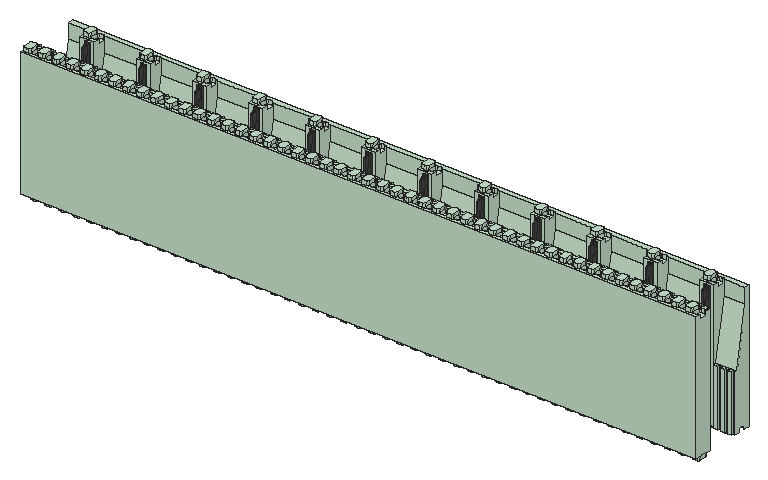
Revit family (continued)
Definition of nested family "NUDURA Logo Diamond"
  Lines and regions (mm)
    model lines
      curve 66: line (320.001, 0, 50.954) -> (313.973, 0, 44.925)
      curve 67: line (313.973, 0, 69.555) -> (320.001, 0, 63.526)
      curve 68: line (320.001, 0, 89.054) -> (313.973, 0, 83.025)
      curve 69: line (313.973, 0, 107.655) -> (320.001, 0, 101.626)
      curve 70: line (309.225, 0, 119.97) -> (322.887, 0, 133.632)
      curve 71: line (322.887, 0, 133.632) -> (324.683, 0, 131.836)
      curve 72: line (286.583, 0, 133.632) -> (300.245, 0, 119.97)
      curve 73: line (295.497, 0, 121.125) -> (284.787, 0, 131.836)
      curve 74: line (289.468, 0, 101.626) -> (295.497, 0, 107.655)
      curve 75: line (295.497, 0, 83.025) -> (289.468, 0, 89.054)
      curve 76: line (289.468, 0, 63.526) -> (295.497, 0, 69.555)
      curve 77: line (295.497, 0, 44.925) -> (289.468, 0, 50.954)
      curve 78: line (289.468, 0, 25.426) -> (295.497, 0, 31.455)
      curve 79: line (298.449, 0, 3.874) -> (289.468, 0, 12.854)
      curve 80: line (300.245, 0, 5.67) -> (291.265, 0, 14.65)
      curve 81: line (318.205, 0, 14.65) -> (309.225, 0, 5.67)
      curve 82: line (309.225, 0, 32.611) -> (318.205, 0, 23.63)
      curve 83: line (291.265, 0, 23.63) -> (300.245, 0, 32.611)
      curve 84: arc (289.468, 0, 12.854) -> (286.865, 0, 19.14) -> (289.468, 0, 25.426) r 8.89
      curve 85: arc (298.449, 0, 3.874) -> (304.735, 0, 1.27) -> (311.021, 0, 3.874) r 8.89
      curve 86: arc (291.265, 0, 14.65) -> (289.405, 0, 19.14) -> (291.265, 0, 23.63) r 6.35
      curve 87: arc (318.205, 0, 14.65) -> (320.065, 0, 19.14) -> (318.205, 0, 23.63) r 6.35
      curve 88: arc (309.225, 0, 32.611) -> (304.735, 0, 34.471) -> (300.245, 0, 32.611) r 6.35
      curve 89: arc (300.245, 0, 5.67) -> (304.735, 0, 3.81) -> (309.225, 0, 5.67) r 6.35
      curve 90: arc (320.001, 0, 12.854) -> (322.605, 0, 19.14) -> (320.001, 0, 25.426) r 8.89
      curve 91: arc (295.497, 0, 31.455) -> (298.287, 0, 38.19) -> (295.497, 0, 44.925) r 9.525
      curve 92: arc (313.973, 0, 31.455) -> (311.183, 0, 38.19) -> (313.973, 0, 44.925) r 9.525
      curve 93: line (313.973, 0, 69.555) -> (320.001, 0, 63.526)
      curve 94: line (289.468, 0, 63.526) -> (295.497, 0, 69.555)
      curve 95: line (300.245, 0, 43.77) -> (291.265, 0, 52.75)
      curve 96: line (318.205, 0, 52.75) -> (309.225, 0, 43.77)
      curve 97: line (309.225, 0, 70.711) -> (318.205, 0, 61.73)
      curve 98: line (291.265, 0, 61.73) -> (300.245, 0, 70.711)
      curve 99: arc (289.468, 0, 50.954) -> (286.865, 0, 57.24) -> (289.468, 0, 63.526) r 8.89
      curve 100: arc (291.265, 0, 52.75) -> (289.405, 0, 57.24) -> (291.265, 0, 61.73) r 6.35
      curve 101: arc (318.205, 0, 52.75) -> (320.065, 0, 57.24) -> (318.205, 0, 61.73) r 6.35
      curve 102: arc (309.225, 0, 70.711) -> (304.735, 0, 72.571) -> (300.245, 0, 70.711) r 6.35
      curve 103: arc (300.245, 0, 43.77) -> (304.735, 0, 41.91) -> (309.225, 0, 43.77) r 6.35
      curve 104: arc (320.001, 0, 50.954) -> (322.605, 0, 57.24) -> (320.001, 0, 63.526) r 8.89
      curve 105: line (295.497, 0, 44.925) -> (289.468, 0, 50.954)
      curve 106: line (320.001, 0, 50.954) -> (313.973, 0, 44.925)
      curve 107: arc (295.497, 0, 69.555) -> (298.287, 0, 76.29) -> (295.497, 0, 83.025) r 9.525
      curve 108: arc (313.973, 0, 69.555) -> (311.183, 0, 76.29) -> (313.973, 0, 83.025) r 9.525
      curve 109: line (313.973, 0, 107.655) -> (320.001, 0, 101.626)
      curve 110: line (289.468, 0, 101.626) -> (295.497, 0, 107.655)
      curve 111: line (300.245, 0, 81.87) -> (291.265, 0, 90.85)
      curve 112: line (318.205, 0, 90.85) -> (309.225, 0, 81.87)
      curve 113: line (309.225, 0, 108.811) -> (318.205, 0, 99.83)
      curve 114: line (291.265, 0, 99.83) -> (300.245, 0, 108.811)
      curve 115: arc (289.468, 0, 89.054) -> (286.865, 0, 95.34) -> (289.468, 0, 101.626) r 8.89
      curve 116: arc (291.265, 0, 90.85) -> (289.405, 0, 95.34) -> (291.265, 0, 99.83) r 6.35
      curve 117: arc (318.205, 0, 90.85) -> (320.065, 0, 95.34) -> (318.205, 0, 99.83) r 6.35
      curve 118: arc (309.225, 0, 108.811) -> (304.735, 0, 110.671) -> (300.245, 0, 108.811) r 6.35
      curve 119: arc (300.245, 0, 81.87) -> (304.735, 0, 80.01) -> (309.225, 0, 81.87) r 6.35
      curve 120: arc (320.001, 0, 89.054) -> (322.605, 0, 95.34) -> (320.001, 0, 101.626) r 8.89
      curve 121: line (295.497, 0, 83.025) -> (289.468, 0, 89.054)
      curve 122: arc (295.497, 0, 107.655) -> (298.287, 0, 114.39) -> (295.497, 0, 121.125) r 9.525
      curve 123: arc (313.973, 0, 107.655) -> (311.183, 0, 114.39) -> (313.973, 0, 121.125) r 9.525
      curve 124: line (324.683, 0, 131.836) -> (313.973, 0, 121.125)
      curve 125: line (284.787, 0, 131.836) -> (286.583, 0, 133.632)
      curve 126: arc (300.245, 0, 119.97) -> (304.735, 0, 118.11) -> (309.225, 0, 119.97) r 6.35
      curve 127: line (314.26, 0, 317.59) -> (295.21, 0, 317.59)
      curve 128: line (323.785, 0, 149.315) -> (323.785, 0, 308.065)
      curve 129: line (285.685, 0, 308.065) -> (285.685, 0, 149.315)
      curve 130: line (295.21, 0, 139.79) -> (314.26, 0, 139.79)
      curve 131: line (316.797, 0, 304.89) -> (305.798, 0, 311.24)
      curve 132: line (316.797, 0, 292.19) -> (316.797, 0, 304.89)
      curve 133: line (311.298, 0, 289.015) -> (316.797, 0, 292.19)
      curve 134: line (305.373, 0, 292.436) -> (311.298, 0, 289.015)
      curve 135: line (310.447, 0, 295.365) -> (305.373, 0, 292.436)
      curve 136: line (299.874, 0, 307.82) -> (310.447, 0, 301.715)
      curve 137: line (310.447, 0, 301.715) -> (310.447, 0, 295.365)
      curve 138: line (305.798, 0, 311.24) -> (299.874, 0, 307.82)
      curve 139: line (299.023, 0, 295.611) -> (304.097, 0, 298.54)
      curve 140: line (304.097, 0, 298.54) -> (298.172, 0, 301.961)
      curve 141: line (298.172, 0, 301.961) -> (292.673, 0, 298.786)
      curve 142: line (292.673, 0, 298.786) -> (292.673, 0, 286.086)
      curve 143: line (299.023, 0, 289.261) -> (299.023, 0, 295.611)
      curve 144: line (309.596, 0, 283.156) -> (299.023, 0, 289.261)
      curve 145: line (303.671, 0, 279.736) -> (309.596, 0, 283.156)
      curve 146: line (292.673, 0, 286.086) -> (303.671, 0, 279.736)
      curve 147: line (312.702, 0, 269.344) -> (296.768, 0, 272.912)
      curve 148: line (296.768, 0, 272.912) -> (296.768, 0, 267.036)
      curve 149: line (296.768, 0, 267.036) -> (308.089, 0, 264.517)
      curve 150: line (308.089, 0, 264.517) -> (296.768, 0, 260.949)
      curve 151: line (296.768, 0, 260.949) -> (296.768, 0, 251.084)
      curve 152: line (296.768, 0, 251.084) -> (309.138, 0, 248.314)
      curve 153: line (309.138, 0, 248.314) -> (309.138, 0, 247.516)
      curve 154: line (309.138, 0, 247.516) -> (301.281, 0, 248.991)
      curve 155: line (296.768, 0, 245.246) -> (296.768, 0, 237.71)
      curve 156: line (306.598, 0, 222.094) -> (306.598, 0, 228.599)
      curve 157: line (306.598, 0, 228.599) -> (296.768, 0, 230.786)
      curve 158: line (296.768, 0, 230.786) -> (296.768, 0, 215.343)
      curve 159: line (302.723, 0, 230.274) -> (312.702, 0, 228.039)
      curve 160: line (300.341, 0, 217.291) -> (300.341, 0, 223.486)
      curve 161: line (300.341, 0, 223.486) -> (306.598, 0, 222.094)
      curve 162: line (296.768, 0, 205.027) -> (296.768, 0, 197.49)
      curve 163: line (302.723, 0, 190.055) -> (310.162, 0, 188.389)
      curve 164: line (310.162, 0, 188.389) -> (310.162, 0, 176.633)
      curve 165: line (308.892, 0, 175.363) -> (307.868, 0, 175.363)
      curve 166: line (306.598, 0, 176.633) -> (306.598, 0, 180.004)
      curve 167: line (306.598, 0, 180.004) -> (307.868, 0, 179.719)
      curve 168: line (307.868, 0, 179.719) -> (307.868, 0, 186.3)
      curve 169: line (307.868, 0, 186.3) -> (296.768, 0, 188.785)
      curve 170: line (296.768, 0, 188.785) -> (296.768, 0, 182.205)
      curve 171: line (296.768, 0, 182.205) -> (304.058, 0, 180.572)
      curve 172: line (304.058, 0, 180.572) -> (304.058, 0, 177.654)
      curve 173: line (302.788, 0, 176.384) -> (296.768, 0, 176.384)
      curve 174: line (296.768, 0, 176.384) -> (296.768, 0, 164.003)
      curve 175: line (296.768, 0, 164.003) -> (299.284, 0, 162.219)
      curve 176: line (299.284, 0, 162.219) -> (299.284, 0, 153.715)
      curve 177: line (307.942, 0, 156.079) -> (301.824, 0, 160.418)
      curve 178: line (301.824, 0, 160.418) -> (301.824, 0, 154.409)
      curve 179: line (301.824, 0, 154.409) -> (307.942, 0, 156.079)
      curve 180: line (299.284, 0, 153.715) -> (296.768, 0, 153.028)
      curve 181: line (296.768, 0, 153.028) -> (296.768, 0, 146.14)
      curve 182: line (296.768, 0, 146.14) -> (312.702, 0, 150.491)
      curve 183: line (312.702, 0, 150.491) -> (312.702, 0, 159.713)
      curve 184: line (312.702, 0, 159.713) -> (298.767, 0, 169.594)
      curve 185: line (298.767, 0, 169.594) -> (302.342, 0, 169.594)
      curve 186: line (312.702, 0, 172.383) -> (312.702, 0, 193.945)
      curve 187: line (312.702, 0, 193.945) -> (302.326, 0, 196.268)
      curve 188: line (300.341, 0, 198.747) -> (300.341, 0, 201.381)
      curve 189: line (301.888, 0, 202.62) -> (312.702, 0, 200.199)
      curve 190: line (312.702, 0, 200.199) -> (312.702, 0, 206.628)
      curve 191: line (312.702, 0, 206.628) -> (306.843, 0, 207.728)
      curve 192: line (312.702, 0, 212.942) -> (312.702, 0, 227.241)
      curve 193: line (312.702, 0, 227.241) -> (309.138, 0, 228.034)
      curve 194: line (309.138, 0, 228.034) -> (309.138, 0, 217.291)
      curve 195: line (312.702, 0, 228.039) -> (312.702, 0, 234.164)
      curve 196: line (312.702, 0, 234.164) -> (302.326, 0, 236.488)
      curve 197: line (300.341, 0, 238.966) -> (300.341, 0, 241.6)
      curve 198: line (301.736, 0, 242.874) -> (312.702, 0, 240.418)
      curve 199: line (312.702, 0, 240.418) -> (312.702, 0, 253.611)
      curve 200: line (312.702, 0, 253.611) -> (302.429, 0, 255.912)
      curve 201: line (302.429, 0, 255.912) -> (312.702, 0, 259.27)
      curve 202: line (312.702, 0, 259.27) -> (312.702, 0, 269.344)
      curve 203: arc (296.768, 0, 245.246) -> (298.145, 0, 248.178) -> (301.281, 0, 248.991) r 3.81
      curve 204: arc (296.768, 0, 237.71) -> (298.44, 0, 232.946) -> (302.723, 0, 230.274) r 7.62
      curve 205: arc (300.842, 0, 208.826) -> (297.87, 0, 211.5) -> (296.768, 0, 215.343) r 7.251
      curve 206: arc (296.768, 0, 205.027) -> (297.979, 0, 207.812) -> (300.842, 0, 208.826) r 3.808
      curve 207: arc (296.768, 0, 197.49) -> (298.44, 0, 192.727) -> (302.723, 0, 190.055) r 7.62
      curve 208: arc (300.341, 0, 198.747) -> (300.898, 0, 197.159) -> (302.326, 0, 196.268) r 2.54
      curve 209: arc (300.341, 0, 201.381) -> (300.817, 0, 202.372) -> (301.888, 0, 202.62) r 1.27
      curve 210: arc (307.868, 0, 175.363) -> (306.969, 0, 175.735) -> (306.598, 0, 176.633) r 1.27
      curve 211: arc (308.892, 0, 175.363) -> (309.79, 0, 175.735) -> (310.162, 0, 176.633) r 1.27
      curve 212: arc (304.058, 0, 177.654) -> (303.686, 0, 176.756) -> (302.788, 0, 176.384) r 1.27
      curve 213: arc (302.342, 0, 169.594) -> (303.976, 0, 170.198) -> (304.826, 0, 171.718) r 2.516
      curve 214: arc (304.826, 0, 171.718) -> (309.07, 0, 168.432) -> (312.702, 0, 172.383) r 3.966
      curve 215: arc (306.843, 0, 207.728) -> (310.942, 0, 209.02) -> (312.702, 0, 212.942) r 5.249
      curve 216: arc (300.341, 0, 217.291) -> (304.739, 0, 212.893) -> (309.138, 0, 217.291) r 4.398
      curve 217: arc (300.341, 0, 238.966) -> (300.898, 0, 237.378) -> (302.326, 0, 236.488) r 2.54
      curve 218: arc (300.341, 0, 241.6) -> (300.886, 0, 242.648) -> (302.057, 0, 242.802) r 1.279
      curve 219: arc (285.685, 0, 308.065) -> (288.475, 0, 314.8) -> (295.21, 0, 317.59) r 9.525
      curve 220: arc (314.26, 0, 317.59) -> (320.995, 0, 314.8) -> (323.785, 0, 308.065) r 9.525
      curve 221: arc (285.685, 0, 149.315) -> (288.475, 0, 142.58) -> (295.21, 0, 139.79) r 9.525
      curve 222: arc (314.26, 0, 139.79) -> (320.995, 0, 142.58) -> (323.785, 0, 149.315) r 9.525
      curve 223: line (253.935, 0, 457.2) -> (253.935, 0, 0)
      curve 224: line (355.535, 0, 457.2) -> (355.535, 0, 0)
      curve 225: line (406.335, 0, 457.2) -> (406.335, 0, 0)
